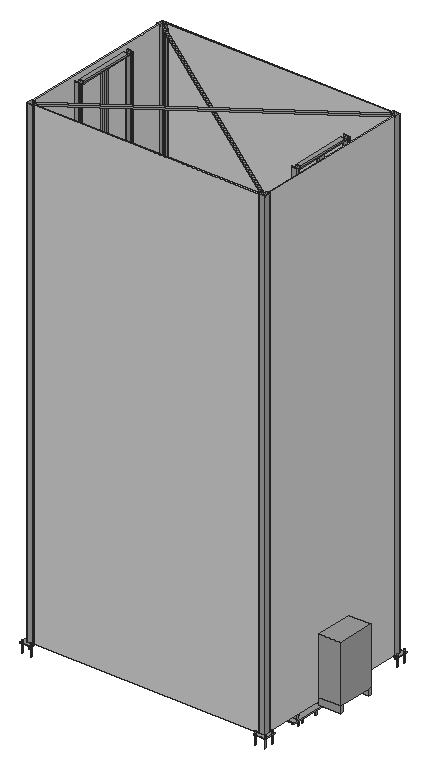
Revit family "1SE_Trez_TC_2C_T_1500_With_Pit", category Specialty Equipment, Revit 2019
Family settings
  Round Connector Dimension = Use Diameter
  Part Type = Normal
  Work Plane-Based = No
  Always vertical = Yes
  Cut with Voids When Loaded = Yes
  Shared = No
  Room Calculation Point = No
Parameters (values of type "Platform-2900x2480mm with Door Height 2500mm")
  Safe Working Load = 1500.00 kg  # constant formula
  Safe Space = if(Cabin or Platform = Cabin, 900.0 mm, if(and(Cabin or Platform = Platform, Door Clear Height > 1900.0 mm), 600.0 mm, 0.0 mm))  # 600.0 mm
  Platform = Speciality_Equipment_Trez_Platform : Platform
  Door Clear Width = Clear Width  # 2900.0 mm
  Door Clear Height = 2500.0 mm
  Clear Width = 2900.0 mm
  URL = "https://trez.bg/en/products/goods-only-lift-tc/tc-2ct-two-cylinders-and-tower/"
  Tower Width = Real Width + 2 * Clearance  # 3750.0 mm
  Tower Depth = Real Depth + 180.0 mm  # 2660.0 mm
  Tower Cladding Material = TREZ_Steel_Cladding
  Real Width = if(Clear Width < 1300.0 mm, 1300.0 mm, if(Clear Width > 2900.0 mm, 2900.0 mm, Clear Width))  # 2900.0 mm
  Real Depth = if(Clear Depth < 1300.0 mm, 1300.0 mm, if(Clear Depth > 2480.0 mm, 2480.0 mm, Clear Depth))  # 2480.0 mm
  Profiles Material = TREZ_Steel_Profiles
  Platform Material = TREZ_Steel_Platform
  Pit Height = 180.0 mm  # constant formula
  Travel = 4500.0 mm
  Rail Height = Travel + Pit Height + Headroom  # 7780.0 mm
  Model = "TC 2C T 1500"
  Manufacturer = "TREZ Ltd."
  Headroom = Door Clear Height + Safe Space  # 3100.0 mm
  Description = "Trez Compact 2 Cylinders Tower. Goods only lift."  # constant formula
  Clear Depth = 2480.0 mm
  Created By URL = "https://all1studio.com/"
  Created By = "All 1 Studio Ltd."
  Clearance = 425.0 mm  # constant formula
  Cabin or Platform Back = yes
  Cabin or Platform = Speciality_Equipment_Trez_Platform : Platform
  Cabin = Speciality_Equipment_Trez_Cabin : Cabin
Reference planes
  plane 1 "Center (Front/Back)": y = 0
  plane 2: z = 0
  plane 3 "Center (Left/Right)": x = 0
  plane 4: x = -1450
  plane 5: x = 1450
  plane 6: y = 1240
  plane 7: y = -1240
  plane 8: x = 1875
  plane 9: y = 1350
  plane 10: x = -1875
  plane 11: y = -1310
  plane 12: x = 1820
  plane 13: x = -1820
  plane 14: y = 1295
  plane 15: y = -1255
  plane 16: z = 4500
  plane 17 "Top of Lift": z = 7600
  plane 18 "Pit": z = -180
  plane 19: x = -1828.5
  plane 20: x = 1828.5
  plane 21: x = 2085
  plane 22: x = -1859.032
  plane 23: x = -1841.032
  plane 24: y = 1334
  plane 25: y = 1316
  plane 26: x = 1859
  plane 27: x = 1841
  plane 28: y = -1294
  plane 29: y = -1276
  plane 30: x = -1935
  plane 31: y = 1410
  plane 32: x = 1935
  plane 33: y = -1370
  plane 34: x = -1688.5
  plane 35: x = 1688.5
  plane 36: z = 7540
  plane 37: z = 40
  plane 38: z = -145
Forms (mm)
  Extrusion 1, solid, material "TREZ_Steel_Cladding" <- "Tower Cladding Material", detail levels coarse+medium
    sketch origin (0, 0, 0) x (1, 0, 0) y (0, 1, 0)
      loop
        line (-1875, 1350) -> (-1875, 1245) -> (-1859.032, 1245) -> (-1859.032, -1205) -> (-1875, -1205) -> (-1875, -1310) -> (-1770, -1310) -> (-1770, -1294) -> (1770, -1294) -> (1770, -1310) -> (1875, -1310) -> (1875, -1205) -> (1859, -1205) -> (1859, 1245) -> (1875, 1245) -> (1875, 1350) -> (1770, 1350) -> (1770, 1334) -> (-1770, 1334) -> (-1770, 1350) -> (-1875, 1350)
      loop
        line (-1820, 1295) -> (-1820, 1245) -> (-1841.032, 1245) -> (-1841.032, -1205) -> (-1820, -1205) -> (-1820, -1255) -> (-1770, -1255) -> (-1770, -1276) -> (1770, -1276) -> (1770, -1255) -> (1820, -1255) -> (1820, -1205) -> (1841, -1205) -> (1841, 1245) -> (1820, 1245) -> (1820, 1295) -> (1770, 1295) -> (1770, 1316) -> (-1770, 1316) -> (-1770, 1295) -> (-1820, 1295)
    from 0 to 7600
  Extrusion 2, void
    sketch origin (0, 0, 0) x (1, 0, 0) y (0, 1, 0)
      loop
        line (-1828.5, 1295) -> (-1828.5, -1255) -> (1828.5, -1255) -> (1828.5, 1295) -> (-1828.5, 1295)
    from 0 to -180
  Extrusion 3, solid, material "TREZ_Steel_Profiles" <- "Profiles Material", detail levels fine
    sketch origin (0, 0, 0) x (1, 0, 0) y (0, 1, 0)
      loop
        line (-1875, 1343) -> (-1875, 1252)
        arc (-1875, 1252) -> (-1872.95, 1247.05) -> (-1868, 1245) r 7
        line (-1868, 1245) -> (-1827, 1245)
        arc (-1827, 1245) -> (-1822.05, 1247.05) -> (-1820, 1252) r 7
        line (-1820, 1252) -> (-1820, 1288)
        arc (-1820, 1288) -> (-1817.95, 1292.95) -> (-1813, 1295) r 7
        line (-1813, 1295) -> (-1777, 1295)
        arc (-1777, 1295) -> (-1772.05, 1297.05) -> (-1770, 1302) r 7
        line (-1770, 1302) -> (-1770, 1343)
        arc (-1770, 1343) -> (-1772.05, 1347.95) -> (-1777, 1350) r 7
        line (-1777, 1350) -> (-1868, 1350)
        arc (-1868, 1350) -> (-1872.95, 1347.95) -> (-1875, 1343) r 7
      loop
        line (1868, 1350) -> (1777, 1350)
        arc (1777, 1350) -> (1772.05, 1347.95) -> (1770, 1343) r 7
        line (1770, 1343) -> (1770, 1302)
        arc (1770, 1302) -> (1772.05, 1297.05) -> (1777, 1295) r 7
        line (1777, 1295) -> (1813, 1295)
        arc (1813, 1295) -> (1817.95, 1292.95) -> (1820, 1288) r 7
        line (1820, 1288) -> (1820, 1252)
        arc (1820, 1252) -> (1822.05, 1247.05) -> (1827, 1245) r 7
        line (1827, 1245) -> (1868, 1245)
        arc (1868, 1245) -> (1872.95, 1247.05) -> (1875, 1252) r 7
        line (1875, 1252) -> (1875, 1343)
        arc (1875, 1343) -> (1872.95, 1347.95) -> (1868, 1350) r 7
      loop
        arc (-1875, -1303) -> (-1872.95, -1307.95) -> (-1868, -1310) r 7
        line (-1868, -1310) -> (-1777, -1310)
        arc (-1777, -1310) -> (-1772.05, -1307.95) -> (-1770, -1303) r 7
        line (-1770, -1303) -> (-1770, -1262)
        arc (-1770, -1262) -> (-1772.05, -1257.05) -> (-1777, -1255) r 7
        line (-1777, -1255) -> (-1813, -1255)
        arc (-1813, -1255) -> (-1817.95, -1252.95) -> (-1820, -1248) r 7
        line (-1820, -1248) -> (-1820, -1212)
        arc (-1820, -1212) -> (-1822.05, -1207.05) -> (-1827, -1205) r 7
        line (-1827, -1205) -> (-1868, -1205)
        arc (-1868, -1205) -> (-1872.95, -1207.05) -> (-1875, -1212) r 7
        line (-1875, -1212) -> (-1875, -1303)
      loop
        arc (1868, -1310) -> (1872.95, -1307.95) -> (1875, -1303) r 7
        line (1875, -1303) -> (1875, -1212)
        arc (1875, -1212) -> (1872.95, -1207.05) -> (1868, -1205) r 7
        line (1868, -1205) -> (1827, -1205)
        arc (1827, -1205) -> (1822.05, -1207.05) -> (1820, -1212) r 7
        line (1820, -1212) -> (1820, -1248)
        arc (1820, -1248) -> (1817.95, -1252.95) -> (1813, -1255) r 7
        line (1813, -1255) -> (1777, -1255)
        arc (1777, -1255) -> (1772.05, -1257.05) -> (1770, -1262) r 7
        line (1770, -1262) -> (1770, -1303)
        arc (1770, -1303) -> (1772.05, -1307.95) -> (1777, -1310) r 7
        line (1777, -1310) -> (1868, -1310)
      loop
        arc (-1773, 1343) -> (-1774.172, 1345.828) -> (-1777, 1347) r 4
        line (-1777, 1347) -> (-1868, 1347)
        arc (-1868, 1347) -> (-1870.828, 1345.828) -> (-1872, 1343) r 4
        line (-1872, 1343) -> (-1872, 1252)
        arc (-1872, 1252) -> (-1870.828, 1249.172) -> (-1868, 1248) r 4
        line (-1868, 1248) -> (-1827, 1248)
        arc (-1827, 1248) -> (-1824.172, 1249.172) -> (-1823, 1252) r 4
        line (-1823, 1252) -> (-1823, 1288)
        arc (-1823, 1288) -> (-1820.071, 1295.071) -> (-1813, 1298) r 10
        line (-1813, 1298) -> (-1777, 1298)
        arc (-1777, 1298) -> (-1774.172, 1299.172) -> (-1773, 1302) r 4
        line (-1773, 1302) -> (-1773, 1343)
      loop
        line (-1773, -1303) -> (-1773, -1262)
        arc (-1773, -1262) -> (-1774.172, -1259.172) -> (-1777, -1258) r 4
        line (-1777, -1258) -> (-1813, -1258)
        arc (-1813, -1258) -> (-1820.071, -1255.071) -> (-1823, -1248) r 10
        line (-1823, -1248) -> (-1823, -1212)
        arc (-1823, -1212) -> (-1824.172, -1209.172) -> (-1827, -1208) r 4
        line (-1827, -1208) -> (-1868, -1208)
        arc (-1868, -1208) -> (-1870.828, -1209.172) -> (-1872, -1212) r 4
        line (-1872, -1212) -> (-1872, -1303)
        arc (-1872, -1303) -> (-1870.828, -1305.828) -> (-1868, -1307) r 4
        line (-1868, -1307) -> (-1777, -1307)
        arc (-1777, -1307) -> (-1774.172, -1305.828) -> (-1773, -1303) r 4
      loop
        line (1872, -1303) -> (1872, -1212)
        arc (1872, -1212) -> (1870.828, -1209.172) -> (1868, -1208) r 4
        line (1868, -1208) -> (1827, -1208)
        arc (1827, -1208) -> (1824.172, -1209.172) -> (1823, -1212) r 4
        line (1823, -1212) -> (1823, -1248)
        arc (1823, -1248) -> (1820.071, -1255.071) -> (1813, -1258) r 10
        line (1813, -1258) -> (1777, -1258)
        arc (1777, -1258) -> (1774.172, -1259.172) -> (1773, -1262) r 4
        line (1773, -1262) -> (1773, -1303)
        arc (1773, -1303) -> (1774.172, -1305.828) -> (1777, -1307) r 4
        line (1777, -1307) -> (1868, -1307)
        arc (1868, -1307) -> (1870.828, -1305.828) -> (1872, -1303) r 4
      loop
        arc (1872, 1343) -> (1870.828, 1345.828) -> (1868, 1347) r 4
        line (1868, 1347) -> (1777, 1347)
        arc (1777, 1347) -> (1774.172, 1345.828) -> (1773, 1343) r 4
        line (1773, 1343) -> (1773, 1302)
        arc (1773, 1302) -> (1774.172, 1299.172) -> (1777, 1298) r 4
        line (1777, 1298) -> (1813, 1298)
        arc (1813, 1298) -> (1820.071, 1295.071) -> (1823, 1288) r 10
        line (1823, 1288) -> (1823, 1252)
        arc (1823, 1252) -> (1824.172, 1249.172) -> (1827, 1248) r 4
        line (1827, 1248) -> (1868, 1248)
        arc (1868, 1248) -> (1870.828, 1249.172) -> (1872, 1252) r 4
        line (1872, 1252) -> (1872, 1343)
    from 5 to 7600
  Extrusion 4, solid, material "TREZ_Steel_Cladding" <- "Tower Cladding Material", detail levels fine
    sketch origin (0, 0, 0) x (1, 0, 0) y (0, 1, 0)
      loop
        line (1859, 1245) -> (1841, 1245) -> (1841, -1205) -> (1859, -1205) -> (1859, 1245)
      loop
        line (1770, 1334) -> (-1770, 1334) -> (-1770, 1316) -> (1770, 1316) -> (1770, 1334)
      loop
        line (1770, -1276) -> (-1770, -1276) -> (-1770, -1294) -> (1770, -1294) -> (1770, -1276)
      loop
        line (-1841.032, -1205) -> (-1841.032, 1245) -> (-1859.032, 1245) -> (-1859.032, -1205) -> (-1841.032, -1205)
    from 0 to 7600
  Extrusion 5, solid, material "TREZ_Steel_Profiles" <- "Profiles Material", detail levels fine
    sketch origin (0, 0, 0) x (1, 0, 0) y (0, 1, 0)
      loop
        arc (1757, 1410) -> (1752.05, 1407.95) -> (1750, 1403) r 7
        line (1750, 1403) -> (1750, 1350) -> (1770, 1350) -> (1770, 1295) -> (1820, 1295) -> (1820, 1245) -> (1875, 1245) -> (1875, 1225) -> (1928, 1225)
        arc (1928, 1225) -> (1932.95, 1227.05) -> (1935, 1232) r 7
        line (1935, 1232) -> (1935, 1403)
        arc (1935, 1403) -> (1932.95, 1407.95) -> (1928, 1410) r 7
        line (1928, 1410) -> (1757, 1410)
      loop
        line (-1757, 1410) -> (-1928, 1410)
        arc (-1928, 1410) -> (-1932.95, 1407.95) -> (-1935, 1403) r 7
        line (-1935, 1403) -> (-1935, 1232)
        arc (-1935, 1232) -> (-1932.95, 1227.05) -> (-1928, 1225) r 7
        line (-1928, 1225) -> (-1875, 1225) -> (-1875, 1245) -> (-1820, 1245) -> (-1820, 1295) -> (-1770, 1295) -> (-1770, 1350) -> (-1750, 1350) -> (-1750, 1403)
        arc (-1750, 1403) -> (-1752.05, 1407.95) -> (-1757, 1410) r 7
      loop
        line (1757, -1370) -> (1928, -1370)
        arc (1928, -1370) -> (1932.95, -1367.95) -> (1935, -1363) r 7
        line (1935, -1363) -> (1935, -1192)
        arc (1935, -1192) -> (1932.95, -1187.05) -> (1928, -1185) r 7
        line (1928, -1185) -> (1875, -1185) -> (1875, -1205) -> (1820, -1205) -> (1820, -1255) -> (1770, -1255) -> (1770, -1310) -> (1750, -1310) -> (1750, -1363)
        arc (1750, -1363) -> (1752.05, -1367.95) -> (1757, -1370) r 7
      loop
        arc (-1757, -1370) -> (-1752.05, -1367.95) -> (-1750, -1363) r 7
        line (-1750, -1363) -> (-1750, -1310) -> (-1770, -1310) -> (-1770, -1255) -> (-1820, -1255) -> (-1820, -1205) -> (-1875, -1205) -> (-1875, -1185) -> (-1928, -1185)
        arc (-1928, -1185) -> (-1932.95, -1187.05) -> (-1935, -1192) r 7
        line (-1935, -1192) -> (-1935, -1363)
        arc (-1935, -1363) -> (-1932.95, -1367.95) -> (-1928, -1370) r 7
        line (-1928, -1370) -> (-1757, -1370)
    from 5 to 0
  Sweep 6, solid, material "TREZ_Steel_Profiles" <- "Profiles Material", detail levels fine
    path origin (0, 0, 7600) x (-1, 0, 0) y (0, -1, 0)
      loop
        line (1820, 1255) -> (-1820, -1295)
    profile origin (0, 20, 7600) x (-0.573764, 0.81902, 0) y (0, 0, 1)
      loop
        line (15, 0) -> (-15, 0) -> (-15, -30) -> (15, -30) -> (15, 0)
  Sweep 7, solid, material "TREZ_Steel_Profiles" <- "Profiles Material", detail levels fine
    path origin (0, 0, 7600) x (-1, 0, 0) y (0, -1, 0)
      loop
        line (1820, -1295) -> (-1820, 1255)
    profile origin (0, 20, 7600) x (0.573764, 0.81902, 0) y (0, 0, 1)
      loop
        line (-15, -60) -> (15, -60) -> (15, -30) -> (-15, -30) -> (-15, -60)
  Extrusion 8, void
    sketch origin (0, 0, 7600) x (-1, 0, 0) y (0, -1, 0)
      loop
        arc (1827, -1245) -> (1822.05, -1247.05) -> (1820, -1252) r 7
        line (1820, -1252) -> (1820, -1288)
        arc (1820, -1288) -> (1817.95, -1292.95) -> (1813, -1295) r 7
        line (1813, -1295) -> (1777, -1295)
        arc (1777, -1295) -> (1772.05, -1297.05) -> (1770, -1302) r 7
        line (1770, -1302) -> (1770, -1343)
        arc (1770, -1343) -> (1772.05, -1347.95) -> (1777, -1350) r 7
        line (1777, -1350) -> (1868, -1350)
        arc (1868, -1350) -> (1872.95, -1347.95) -> (1875, -1343) r 7
        line (1875, -1343) -> (1875, -1252)
        arc (1875, -1252) -> (1872.95, -1247.05) -> (1868, -1245) r 7
        line (1868, -1245) -> (1827, -1245)
      loop
        arc (-1770, -1302) -> (-1772.05, -1297.05) -> (-1777, -1295) r 7
        line (-1777, -1295) -> (-1813, -1295)
        arc (-1813, -1295) -> (-1817.95, -1292.95) -> (-1820, -1288) r 7
        line (-1820, -1288) -> (-1820, -1252)
        arc (-1820, -1252) -> (-1822.05, -1247.05) -> (-1827, -1245) r 7
        line (-1827, -1245) -> (-1868, -1245)
        arc (-1868, -1245) -> (-1872.95, -1247.05) -> (-1875, -1252) r 7
        line (-1875, -1252) -> (-1875, -1343)
        arc (-1875, -1343) -> (-1872.95, -1347.95) -> (-1868, -1350) r 7
        line (-1868, -1350) -> (-1777, -1350)
        arc (-1777, -1350) -> (-1772.05, -1347.95) -> (-1770, -1343) r 7
        line (-1770, -1343) -> (-1770, -1302)
      loop
        arc (-1827, 1205) -> (-1822.05, 1207.05) -> (-1820, 1212) r 7
        line (-1820, 1212) -> (-1820, 1248)
        arc (-1820, 1248) -> (-1817.95, 1252.95) -> (-1813, 1255) r 7
        line (-1813, 1255) -> (-1777, 1255)
        arc (-1777, 1255) -> (-1772.05, 1257.05) -> (-1770, 1262) r 7
        line (-1770, 1262) -> (-1770, 1303)
        arc (-1770, 1303) -> (-1772.05, 1307.95) -> (-1777, 1310) r 7
        line (-1777, 1310) -> (-1868, 1310)
        arc (-1868, 1310) -> (-1872.95, 1307.95) -> (-1875, 1303) r 7
        line (-1875, 1303) -> (-1875, 1212)
        arc (-1875, 1212) -> (-1872.95, 1207.05) -> (-1868, 1205) r 7
        line (-1868, 1205) -> (-1827, 1205)
      loop
        arc (1820, 1212) -> (1822.05, 1207.05) -> (1827, 1205) r 7
        line (1827, 1205) -> (1868, 1205)
        arc (1868, 1205) -> (1872.95, 1207.05) -> (1875, 1212) r 7
        line (1875, 1212) -> (1875, 1303)
        arc (1875, 1303) -> (1872.95, 1307.95) -> (1868, 1310) r 7
        line (1868, 1310) -> (1777, 1310)
        arc (1777, 1310) -> (1772.05, 1307.95) -> (1770, 1303) r 7
        line (1770, 1303) -> (1770, 1262)
        arc (1770, 1262) -> (1772.05, 1257.05) -> (1777, 1255) r 7
        line (1777, 1255) -> (1813, 1255)
        arc (1813, 1255) -> (1817.95, 1252.95) -> (1820, 1248) r 7
        line (1820, 1248) -> (1820, 1212)
    from -60 to 0
  Extrusion 9, solid, material "TREZ_Steel_Profiles" <- "Profiles Material", detail levels fine
    sketch origin (0, 0, 0) x (1, 0, 0) y (0, 1, 0)
      loop
        circle (-1910.697, 1394.303) r 6
      loop
        circle (-1765.697, 1394.303) r 6
      loop
        circle (-1910.697, 1249.303) r 6
      loop
        circle (1910.697, 1394.303) r 6
      loop
        circle (1765.697, 1394.303) r 6
      loop
        circle (1910.697, 1249.303) r 6
      loop
        circle (-1910.697, -1354.303) r 6
      loop
        circle (-1765.697, -1354.303) r 6
      loop
        circle (-1910.697, -1209.303) r 6
      loop
        circle (1910.697, -1354.303) r 6
      loop
        circle (1765.697, -1354.303) r 6
      loop
        circle (1910.697, -1209.303) r 6
    from -145 to 40
Cuts and joins
  Extrusion 2 cuts Extrusion 1
  Extrusion 8 cuts Sweep 6
  Extrusion 8 cuts Sweep 7
  joined: Extrusion 5, Extrusion 9
Lines and regions (mm)
  symbolic lines, style "Profiles"
    curve 1: line (-1875, 1350, 0) -> (-1770, 1350, 0)
    curve 2: line (-1770, 1350, 0) -> (-1770, 1295, 0)
    curve 3: line (-1770, 1295, 0) -> (-1820, 1295, 0)
    curve 4: line (-1820, 1295, 0) -> (-1820, 1245, 0)
    curve 5: line (-1820, 1245, 0) -> (-1875, 1245, 0)
    curve 6: line (-1875, 1245, 0) -> (-1875, 1350, 0)
    curve 7: line (1770, 1350, 0) -> (1875, 1350, 0)
    curve 8: line (1875, 1350, 0) -> (1875, 1245, 0)
    curve 9: line (1875, 1245, 0) -> (1820, 1245, 0)
    curve 10: line (1820, 1245, 0) -> (1820, 1295, 0)
    curve 11: line (1820, 1295, 0) -> (1770, 1295, 0)
    curve 12: line (1770, 1295, 0) -> (1770, 1350, 0)
    curve 13: line (-1875, -1205, 0) -> (-1820, -1205, 0)
    curve 14: line (-1820, -1205, 0) -> (-1820, -1255, 0)
    curve 15: line (-1820, -1255, 0) -> (-1770, -1255, 0)
    curve 16: line (-1770, -1255, 0) -> (-1770, -1310, 0)
    curve 17: line (-1770, -1310, 0) -> (-1875, -1310, 0)
    curve 18: line (-1875, -1310, 0) -> (-1875, -1205, 0)
    curve 19: line (1770, -1255, 0) -> (1820, -1255, 0)
    curve 20: line (1820, -1255, 0) -> (1820, -1205, 0)
    curve 21: line (1820, -1205, 0) -> (1875, -1205, 0)
    curve 22: line (1875, -1205, 0) -> (1875, -1310, 0)
    curve 23: line (1875, -1310, 0) -> (1770, -1310, 0)
    curve 24: line (1770, -1255, 0) -> (1770, -1310, 0)
    curve 25: line (1859, 1245, 0) -> (1841, 1245, 0)
    curve 26: line (1859, -1205, 0) -> (1859, 1245, 0)
    curve 27: line (1841, -1205, 0) -> (1859, -1205, 0)
    curve 28: line (1841, 1245, 0) -> (1841, -1205, 0)
    curve 29: line (1770, -1276, 0) -> (-1770, -1276, 0)
    curve 30: line (1770, -1294, 0) -> (1770, -1276, 0)
    curve 31: line (-1770, -1294, 0) -> (1770, -1294, 0)
    curve 32: line (-1770, -1276, 0) -> (-1770, -1294, 0)
    curve 33: line (-1841.032, -1205, 0) -> (-1859.032, -1205, 0)
    curve 34: line (-1841.032, 1245, 0) -> (-1841.032, -1205, 0)
    curve 35: line (-1859.032, 1245, 0) -> (-1841.032, 1245, 0)
    curve 36: line (-1859.032, -1205, 0) -> (-1859.032, 1245, 0)
    curve 37: line (-1770, 1316, 0) -> (1770, 1316, 0)
    curve 38: line (-1770, 1334, 0) -> (-1770, 1316, 0)
    curve 39: line (1770, 1334, 0) -> (-1770, 1334, 0)
    curve 40: line (1770, 1316, 0) -> (1770, 1334, 0)
  symbolic lines, style "Platform"
    curve 41: line (-1450, 1240, 0) -> (1450, 1240, 0)
    curve 42: line (-1450, -1240, 0) -> (-1450, 1240, 0)
    curve 43: line (1450, -1240, 0) -> (-1450, -1240, 0)
    curve 44: line (1450, 1240, 0) -> (1450, -1240, 0)
    curve 45: line (-1450, 1240, 0) -> (1450, -1240, 0)
    curve 46: line (1450, 1240, 0) -> (-1450, -1240, 0)
  model lines, style "Profiles", detail levels coarse+medium
    curve 47: line (-1820, 1295, 7600) -> (1820, -1255, 7600)
    curve 48: line (1820, 1295, 7600) -> (-1820, -1255, 7600)
Dimensions and locks
  equal spacing: plane 4, plane 3 "Center (Left/Right)", plane 5
  "Real Width": plane 4 to plane 5
  equal spacing: plane 7, plane 1 "Center (Front/Back)", plane 6
  "Real Depth": plane 7 to plane 6
  locked: plane 6 to plane 9 at 110
  locked: plane 7 to plane 11 at 70
  locked: plane 12 to plane 8 at 55
  locked: plane 10 to plane 13 at 55
  locked: plane 14 to plane 9 at 55
  locked: plane 15 to plane 11 at 55
  "Travel": plane 16 to level
  "Pit Height": level to plane 18 "Pit"
  "Clearance": plane 5 to plane 8
  "Clearance": plane 10 to plane 4
  locked: plane 8 to plane 21 at 210
  locked: plane 10 to plane 19 at 46.5
  locked: plane 20 to plane 8 at 46.5
  plane 10 to plane 22 to plane 23 = 15.968 mm locked, 18.0 mm locked
  plane 25 to plane 24 to plane 9 = 18.0 mm locked, 16.0 mm locked
  plane 27 to plane 26 to plane 8 = 18.0 mm locked, 16.0 mm locked
  plane 29 to plane 28 to plane 11 = 18.0 mm locked, 16.0 mm locked
  locked: plane 30 to plane 10 at 60
  locked: plane 9 to plane 31 at 60
  locked: plane 8 to plane 32 at 60
  locked: plane 11 to plane 33 at 60
  locked: plane 10 to plane 34 at 186.5
  locked: plane 35 to plane 8 at 186.5
  "Headroom": plane 17 "Top of Lift" to plane 16
  locked: plane 17 "Top of Lift" to plane 36 at 60
  locked: plane 37 to level at 40
  locked: level to plane 38 at 145
  aligned and locked: level to plane 2
  aligned and locked: plane 9 to Extrusion 1 sketch curve
  aligned and locked: plane 10 to Extrusion 1 sketch curve
  aligned and locked: plane 11 to Extrusion 1 sketch curve
  aligned and locked: plane 8 to Extrusion 1 sketch curve
  aligned and locked: plane 14 to Extrusion 1 sketch curve
  aligned and locked: plane 13 to Extrusion 1 sketch curve
  aligned and locked: plane 15 to Extrusion 1 sketch curve
  aligned and locked: plane 12 to Extrusion 1 sketch curve
  aligned and locked: plane 17 "Top of Lift" to Extrusion 1
  aligned and locked: plane 20 to Extrusion 2 sketch curve
  aligned and locked: plane 15 to Extrusion 2 sketch curve
  aligned and locked: plane 14 to Extrusion 2 sketch curve
  aligned and locked: plane 19 to Extrusion 2 sketch curve
  aligned and locked: Extrusion 2 to plane 18 "Pit"
  aligned and locked: plane 1 "Center (Front/Back)" to nested 1
  aligned and locked: plane 3 "Center (Left/Right)" to nested 1
  aligned and locked: nested 2 to plane 21
  aligned and locked: Extrusion 3 sketch curve to plane 10
  aligned and locked: Extrusion 3 sketch curve to plane 9  (x2)
  aligned and locked: Extrusion 3 sketch curve to plane 13
  aligned and locked: Extrusion 3 sketch curve to plane 14  (x2)
  aligned and locked: plane 8 to Extrusion 3 sketch curve
  aligned and locked: plane 17 "Top of Lift" to Extrusion 3
  aligned and locked: Extrusion 4 sketch curve to Extrusion 3  (x6)
  aligned and locked: Extrusion 4 sketch curve to plane 26
  aligned and locked: plane 27 to Extrusion 4 sketch curve
  aligned and locked: Extrusion 4 sketch curve to plane 24
  aligned and locked: plane 25 to Extrusion 4 sketch curve
  aligned and locked: plane 29 to Extrusion 4 sketch curve
  aligned and locked: Extrusion 4 sketch curve to plane 28
  aligned and locked: Extrusion 3 to Extrusion 4 sketch curve  (x2)
  aligned and locked: Extrusion 4 sketch curve to plane 23
  aligned and locked: plane 22 to Extrusion 4 sketch curve
  aligned and locked: plane 17 "Top of Lift" to Extrusion 4
  aligned and locked: plane 34 to nested 3
  aligned and locked: nested 4 to plane 35
  aligned and locked: nested 3 to plane 18 "Pit"
  aligned and locked: plane 18 "Pit" to nested 4
  aligned and locked: plane 1 "Center (Front/Back)" to nested 3
  aligned and locked: nested 4 to plane 1 "Center (Front/Back)"
  aligned and locked: plane 14 to Sweep 6 sketch curve
  aligned and locked: plane 12 to Sweep 6 sketch curve
  aligned and locked: plane 13 to Sweep 6 sketch curve
  aligned and locked: plane 15 to Sweep 6 sketch curve
  aligned and locked: plane 12 to Sweep 7 sketch curve
  aligned and locked: plane 15 to Sweep 7 sketch curve
  aligned and locked: plane 14 to Sweep 7 sketch curve
  aligned and locked: plane 13 to Sweep 7 sketch curve
  aligned and locked: plane 36 to Extrusion 8
  aligned and locked: plane 17 "Top of Lift" to Extrusion 8
  aligned and locked: Extrusion 9 to plane 38
  aligned and locked: plane 37 to Extrusion 9
  aligned and locked: plane 16 to nested 1
Automatic sketch dimensions
  Extrusion 1 sketch curve to plane 10 = 0.0 mm
  Extrusion 1 sketch curve to plane 22 = 0.0 mm
  Extrusion 1 sketch curve to plane 23 = 0.0 mm
  Extrusion 1 sketch curve to plane 13 = 0.0 mm
  Extrusion 1 sketch curve to plane 29 = 0.0 mm
  Extrusion 1 sketch curve to plane 15 = 0.0 mm
  Extrusion 1 sketch curve to plane 28 = 0.0 mm
  Extrusion 1 sketch curve to plane 11 = 0.0 mm
  plane 25 to Extrusion 1 sketch curve = 0.0 mm
  plane 24 to Extrusion 1 sketch curve = 0.0 mm
  plane 9 to Extrusion 1 sketch curve = 0.0 mm
  plane 14 to Extrusion 1 sketch curve = 0.0 mm
  Extrusion 1 sketch curve to plane 12 = 0.0 mm
  Extrusion 1 sketch curve to plane 27 = 0.0 mm
  Extrusion 1 sketch curve to plane 26 = 0.0 mm
  Extrusion 1 sketch curve to plane 8 = 0.0 mm
  plane 13 to Extrusion 1 sketch curve = 50.0 mm  (x2)
  Extrusion 1 sketch curve to Extrusion 1 sketch curve = 0.0 mm  (x5)
  plane 12 to Extrusion 1 sketch curve = 50.0 mm  (x2)
  plane 7 to Extrusion 1 sketch curve = 35.0 mm  (x3)
  Extrusion 1 sketch curve to plane 6 = 5.0 mm  (x4)
  Extrusion 3 sketch curve to Extrusion 3 sketch curve = 0.0 mm  (x48)
  Extrusion 3 sketch curve to plane 10 = 0.0 mm
  Extrusion 3 sketch curve to plane 11 = 0.0 mm  (x2)
  Extrusion 3 sketch curve to plane 13 = 0.0 mm
  Extrusion 3 sketch curve to plane 15 = 0.0 mm  (x2)
  Extrusion 3 sketch curve to plane 12 = 0.0 mm  (x2)
  Extrusion 3 sketch curve to plane 8 = 0.0 mm
  Extrusion 3 sketch curve to Extrusion 3 sketch curve = 3.0 mm  (x4)
  Extrusion 3 sketch curve to Extrusion 3 sketch curve = 4.0 mm  (x9)
  plane 10 to Extrusion 3 sketch curve = 7.0 mm
  plane 19 to Extrusion 3 sketch curve = 1.5 mm  (x2)
  plane 13 to Extrusion 3 sketch curve = 7.0 mm  (x2)
  Extrusion 3 sketch curve to plane 15 = 7.0 mm  (x2)
  Extrusion 3 sketch curve to Extrusion 3 sketch curve = 36.0 mm  (x2)
  Extrusion 3 sketch curve to plane 14 = 7.0 mm
  plane 9 to Extrusion 3 sketch curve = 7.0 mm
  plane 12 to Extrusion 3 sketch curve = 50.0 mm  (x2)
  Extrusion 3 sketch curve to Extrusion 3 sketch curve = 7.0 mm
  plane 12 to Extrusion 3 sketch curve = 7.0 mm
  plane 20 to Extrusion 3 sketch curve = 1.5 mm  (x2)
  plane 8 to Extrusion 3 sketch curve = 7.0 mm  (x2)
  Extrusion 3 sketch curve to plane 6 = 5.0 mm  (x2)
  plane 7 to Extrusion 3 sketch curve = 28.0 mm  (x2)
  Extrusion 5 sketch curve to plane 30 = 0.0 mm  (x2)
  plane 31 to Extrusion 5 sketch curve = 0.0 mm  (x2)
  Extrusion 5 sketch curve to plane 33 = 0.0 mm  (x2)
  Extrusion 5 sketch curve to plane 10 = 0.0 mm  (x2)
  Extrusion 5 sketch curve to plane 13 = 0.0 mm  (x2)
  plane 9 to Extrusion 5 sketch curve = 0.0 mm  (x2)
  Extrusion 5 sketch curve to plane 11 = 0.0 mm  (x2)
  Extrusion 5 sketch curve to plane 15 = 0.0 mm  (x2)
  plane 14 to Extrusion 5 sketch curve = 0.0 mm  (x2)
  Extrusion 5 sketch curve to plane 12 = 0.0 mm  (x2)
  Extrusion 5 sketch curve to plane 8 = 0.0 mm  (x2)
  Extrusion 5 sketch curve to plane 32 = 0.0 mm  (x2)
  plane 30 to Extrusion 5 sketch curve = 7.0 mm  (x4)
  plane 13 to Extrusion 5 sketch curve = 50.0 mm  (x2)
  Extrusion 5 sketch curve to Extrusion 5 sketch curve = 13.0 mm  (x2)
  plane 31 to Extrusion 5 sketch curve = 7.0 mm
  Extrusion 5 sketch curve to Extrusion 5 sketch curve = 20.0 mm  (x2)
  Extrusion 5 sketch curve to plane 35 = 61.5 mm  (x2)
  Extrusion 5 sketch curve to Extrusion 5 sketch curve = 7.0 mm  (x3)
  Extrusion 5 sketch curve to Extrusion 5 sketch curve = 50.0 mm
  plane 32 to Extrusion 5 sketch curve = 7.0 mm  (x3)
  plane 7 to Extrusion 5 sketch curve = 35.0 mm  (x2)
  plane 7 to Extrusion 5 sketch curve = 48.0 mm  (x2)
  plane 6 to Extrusion 5 sketch curve = 15.0 mm  (x2)
  Extrusion 5 sketch curve to plane 6 = 5.0 mm  (x2)
  profile plane to Sweep 6 sketch curve = 15.0 mm
  Sweep 6 sketch curve to Sweep 6 sketch curve = 30.0 mm
  Sweep 6 sketch curve to profile plane = 15.0 mm
  plane 17 "Top of Lift" to Sweep 6 sketch curve = 0.0 mm
  profile plane to Sweep 7 sketch curve = 15.0 mm
  Sweep 7 sketch curve to profile plane = 15.0 mm
  Sweep 7 sketch curve to plane 17 "Top of Lift" = 60.0 mm
  Sweep 7 sketch curve to Sweep 7 sketch curve = 30.0 mm
  plane 9 to Extrusion 8 sketch curve = 0.0 mm  (x2)
  plane 14 to Extrusion 8 sketch curve = 0.0 mm  (x2)
  Extrusion 8 sketch curve to plane 13 = 0.0 mm  (x2)
  Extrusion 8 sketch curve to plane 10 = 0.0 mm  (x2)
  Extrusion 8 sketch curve to Extrusion 8 sketch curve = 7.0 mm  (x9)
  plane 13 to Extrusion 8 sketch curve = 43.0 mm
  Extrusion 8 sketch curve to Extrusion 8 sketch curve = 36.0 mm  (x2)
  plane 19 to Extrusion 8 sketch curve = 1.5 mm  (x2)
  plane 10 to Extrusion 8 sketch curve = 7.0 mm
  Extrusion 8 sketch curve to plane 6 = 12.0 mm
  Extrusion 8 sketch curve to plane 8 = 0.0 mm  (x2)
  Extrusion 8 sketch curve to plane 12 = 0.0 mm  (x2)
  Extrusion 8 sketch curve to plane 6 = 5.0 mm
  plane 8 to Extrusion 8 sketch curve = 7.0 mm  (x3)
  plane 20 to Extrusion 8 sketch curve = 1.5 mm  (x2)
  Extrusion 8 sketch curve to plane 14 = 7.0 mm
  Extrusion 8 sketch curve to plane 11 = 0.0 mm  (x2)
  Extrusion 8 sketch curve to plane 15 = 0.0 mm  (x2)
  plane 12 to Extrusion 8 sketch curve = 7.0 mm
  plane 11 to Extrusion 8 sketch curve = 7.0 mm  (x2)
  plane 12 to Extrusion 8 sketch curve = 43.0 mm
  Extrusion 8 sketch curve to plane 15 = 7.0 mm
  plane 7 to Extrusion 8 sketch curve = 35.0 mm  (x2)
  plane 13 to Extrusion 8 sketch curve = 50.0 mm
  plane 13 to Extrusion 8 sketch curve = 7.0 mm
  curve 47 to plane 12 = 0.0 mm
  curve 48 to plane 12 = 0.0 mm
  curve 48 to plane 13 = 0.0 mm
  curve 47 to plane 13 = 0.0 mm
  plane 14 to curve 48 = 0.0 mm
  plane 14 to curve 47 = 0.0 mm
  curve 48 to plane 15 = 0.0 mm
  curve 47 to plane 15 = 0.0 mm
  plane 9 to curve 1 = 0.0 mm
  curve 1 to plane 10 = 0.0 mm
  curve 18 to plane 10 = 0.0 mm
  curve 36 to plane 22 = 0.0 mm
  curve 35 to plane 23 = 0.0 mm
  curve 4 to plane 13 = 0.0 mm
  curve 15 to plane 13 = 0.0 mm
  plane 25 to curve 37 = 0.0 mm
  curve 15 to plane 15 = 0.0 mm
  curve 16 to plane 11 = 0.0 mm
  plane 24 to curve 38 = 0.0 mm
  curve 32 to plane 28 = 0.0 mm
  curve 32 to plane 29 = 0.0 mm
  plane 14 to curve 2 = 0.0 mm
  curve 42 to plane 4 = 0.0 mm
  curve 44 to plane 5 = 0.0 mm
  curve 24 to plane 11 = 0.0 mm
  curve 24 to plane 15 = 0.0 mm
  plane 14 to curve 11 = 0.0 mm
  plane 9 to curve 7 = 0.0 mm
  curve 19 to plane 12 = 0.0 mm
  curve 11 to plane 12 = 0.0 mm
  curve 25 to plane 27 = 0.0 mm
  curve 27 to plane 26 = 0.0 mm
  curve 22 to plane 8 = 0.0 mm
  curve 9 to plane 8 = 0.0 mm
  curve 43 to plane 7 = 0.0 mm
  plane 6 to curve 44 = 0.0 mm
  plane 13 to curve 37 = 50.0 mm
  plane 13 to curve 15 = 50.0 mm
  curve 32 to curve 16 = 0.0 mm
  curve 2 to curve 37 = 0.0 mm
  plane 12 to curve 29 = 50.0 mm
  curve 24 to curve 30 = 0.0 mm
  plane 12 to curve 39 = 50.0 mm
  curve 11 to curve 37 = 0.0 mm
  plane 7 to curve 14 = 35.0 mm
  curve 33 to curve 13 = 0.0 mm
  plane 7 to curve 28 = 35.0 mm
  curve 20 to curve 27 = 0.0 mm
  curve 10 to plane 6 = 5.0 mm
  curve 28 to plane 6 = 5.0 mm
  curve 35 to plane 6 = 5.0 mm
  curve 6 to plane 6 = 5.0 mm
  plane 30 to Extrusion 9 sketch curve = 24.303 mm  (x4)
  Extrusion 9 sketch curve to plane 6 = 9.303 mm  (x2)
  plane 31 to Extrusion 9 sketch curve = 15.697 mm  (x4)
  plane 13 to Extrusion 9 sketch curve = 54.303 mm  (x2)
  plane 33 to Extrusion 9 sketch curve = 15.697 mm  (x4)
  plane 12 to Extrusion 9 sketch curve = 54.303 mm  (x2)
  plane 32 to Extrusion 9 sketch curve = 24.303 mm  (x4)
  plane 7 to Extrusion 9 sketch curve = 30.697 mm  (x2)
  radius of Extrusion 9 sketch curve = 6.0 mm  (x12)
Nested families
  nested 1: "Speciality_Equipment_Trez_Platform" at (0, 0, 4500), type <- "Cabin or Platform", type "Platform"
    with Width 2900.0 mm, Depth 2480.0 mm
  nested 2: "Electrical_Equpment_Trez_Cabinet" at (2085, 0, 0) x (0, 1, 0) z (0, 0, 1), type "Cabinet"
  nested 3: "Generic_Model_Trez_Rails" at (-1688.5, 0, -180), type "Rails"
    with Height 7780.0 mm
  nested 4: "Generic_Model_Trez_Rails" at (1688.5, 0, -180) x (-1, 0, 0) z (0, 0, 1), type "Rails"
    with Height 7780.0 mm
Definition of nested family "Speciality_Equipment_Trez_Platform"
  Parameters (values of type "Speciality_Equipment_Trez_Platform")
    Width = 3600.0 mm
    Platform Material = none
    Depth = 2900.0 mm
    Back Board = yes
  Reference planes
    plane 1 "Center (Front/Back)": y = 0
    plane 2 "Bottom": z = 0
    plane 3 "Center (Left/Right)": x = 0
    plane 4: x = 1800
    plane 5: x = -1800
    plane 6: y = 1450
    plane 7: y = -1450
    plane 8: x = -1889
    plane 9: x = 1889
    plane 10: y = 1485
    plane 11: z = -89
    plane 12: z = 709
  Forms (mm)
    Extrusion 1, solid, material <- "Platform Material", visible <- "Back Board"
      sketch origin (0, 0, 0) x (1, 0, 0) y (0, 1, 0)
        loop
          line (-1889, 1485) -> (-1889, 1450) -> (1889, 1450) -> (1889, 1485) -> (-1889, 1485)
      from 0 to 709
    Extrusion 2, solid, material <- "Platform Material", detail levels coarse+medium
      sketch origin (0, 0, 0) x (1, 0, 0) y (0, 0, 1)
        loop
          line (-1800, 709) -> (-1889, 709) -> (-1889, -89) -> (1889, -89) -> (1889, 709) -> (1800, 709) -> (1800, 0) -> (-1800, 0) -> (-1800, 709)
      from -1450 to 1450
    Extrusion 3, solid, material <- "Platform Material", detail levels fine
      sketch origin (0, 0, 0) x (1, 0, 0) y (0, 0, 1)
        loop
          arc (-1874, 709) -> (-1884.607, 704.607) -> (-1889, 694) r 15
          line (-1889, 694) -> (-1889, -74)
          arc (-1889, -74) -> (-1884.607, -84.607) -> (-1874, -89) r 15
          line (-1874, -89) -> (1874, -89)
          arc (1874, -89) -> (1884.607, -84.607) -> (1889, -74) r 15
          line (1889, -74) -> (1889, 694)
          arc (1889, 694) -> (1884.607, 704.607) -> (1874, 709) r 15
          line (1874, 709) -> (1815, 709)
          arc (1815, 709) -> (1804.393, 704.607) -> (1800, 694) r 15
          line (1800, 694) -> (1800, 15)
          arc (1800, 15) -> (1795.607, 4.393) -> (1785, 0) r 15
          line (1785, 0) -> (-1785, 0)
          arc (-1785, 0) -> (-1795.607, 4.393) -> (-1800, 15) r 15
          line (-1800, 15) -> (-1800, 694)
          arc (-1800, 694) -> (-1804.393, 704.607) -> (-1815, 709) r 15
          line (-1815, 709) -> (-1874, 709)
      from -1450 to 1450
  Dimensions and locks
    equal spacing: plane 5, plane 3 "Center (Left/Right)", plane 4
    "Width": plane 5 to plane 4
    equal spacing: plane 7, plane 1 "Center (Front/Back)", plane 6
    "Depth": plane 6 to plane 7
    locked: plane 8 to plane 5 at 89
    locked: plane 4 to plane 9 at 89
    locked: plane 10 to plane 6 at 35
    locked: plane 2 "Bottom" to plane 11 at 89
    locked: plane 12 to plane 2 "Bottom" at 709
    aligned and locked: level to plane 2 "Bottom"
    aligned and locked: Extrusion 1 sketch curve to plane 10
    aligned and locked: plane 8 to Extrusion 1 sketch curve
    aligned and locked: plane 5 to Extrusion 2 sketch curve
    aligned and locked: plane 8 to Extrusion 2 sketch curve
    aligned and locked: Extrusion 2 sketch curve to plane 9
    aligned and locked: Extrusion 2 sketch curve to plane 4
    aligned and locked: Extrusion 2 sketch curve to plane 2 "Bottom"
    aligned and locked: Extrusion 2 sketch curve to plane 11
    aligned and locked: Extrusion 2 sketch curve to plane 12
    aligned and locked: Extrusion 2 to plane 6
    aligned and locked: Extrusion 2 to plane 7
    aligned and locked: Extrusion 3 sketch curve to plane 12
    aligned and locked: plane 8 to Extrusion 3 sketch curve
    aligned and locked: plane 5 to Extrusion 3 sketch curve
    aligned and locked: Extrusion 3 sketch curve to plane 4
    aligned and locked: Extrusion 3 sketch curve to plane 9
    aligned and locked: Extrusion 3 sketch curve to plane 2 "Bottom"
    aligned and locked: Extrusion 3 sketch curve to plane 11
    aligned and locked: Extrusion 3 to plane 7
    aligned and locked: Extrusion 3 to plane 6
  Automatic sketch dimensions
    plane 12 to Extrusion 2 sketch curve = 0.0 mm
    Extrusion 1 sketch curve to plane 6 = 0.0 mm
    Extrusion 1 sketch curve to plane 9 = 0.0 mm
    Extrusion 3 sketch curve to plane 12 = 0.0 mm
    Extrusion 3 sketch curve to Extrusion 3 sketch curve = 15.0 mm  (x4)
    plane 5 to Extrusion 3 sketch curve = 15.0 mm
    Extrusion 3 sketch curve to plane 4 = 15.0 mm
    plane 4 to Extrusion 3 sketch curve = 15.0 mm
    Extrusion 3 sketch curve to plane 9 = 15.0 mm
Definition of nested family "Electrical_Equpment_Trez_Cabinet"
  Parameters (values of type "Electrical_Equpment_Trez_Cabinet")
    Width = 584.0 mm
    Depth = 348.0 mm
    Cabinet Material = none
  Reference planes
    plane 1 "Center (Front/Back)": y = 0
    plane 2: z = 0
    plane 3 "Center (Left/Right)": x = 0
    plane 4: x = -292
    plane 5: x = 292
    plane 6: y = 174
    plane 7: y = -174
    plane 8: z = 100
    plane 9: z = 1000
    plane 10: x = -257
    plane 11: x = 257
  Forms (mm)
    Extrusion 1, solid, material <- "Cabinet Material", detail levels fine
      sketch origin (0, 0, 0) x (1, 0, 0) y (0, 1, 0)
        loop
          line (-292, 174) -> (-292, -174) -> (292, -174) -> (292, 174) -> (-292, 174)
      from 100 to 1000
    Extrusion 2, solid, material <- "Cabinet Material", detail levels fine
      sketch origin (0, 0, 0) x (1, 0, 0) y (0, 1, 0)
        loop
          line (-257, 174) -> (-292, 174) -> (-292, -174) -> (-257, -174) -> (-257, 174)
        loop
          line (257, 174) -> (257, -174) -> (292, -174) -> (292, 174) -> (257, 174)
      from 0 to 100
    Extrusion 3, solid, detail levels coarse+medium
      sketch origin (0, 0, 0) x (1, 0, 0) y (0, 1, 0)
        loop
          line (-292, 174) -> (-292, -174) -> (292, -174) -> (292, 174) -> (-292, 174)
      from 0 to 1000
  Lines and regions (mm)
    symbolic lines
      curve 1: line (-292, 174, 0) -> (292, 174, 0)
      curve 2: line (-292, -174, 0) -> (-292, 174, 0)
      curve 3: line (292, -174, 0) -> (-292, -174, 0)
      curve 4: line (292, 174, 0) -> (292, -174, 0)
  Dimensions and locks
    equal spacing: plane 4, plane 3 "Center (Left/Right)", plane 5
    "Width": plane 4 to plane 5
    equal spacing: plane 7, plane 1 "Center (Front/Back)", plane 6
    "Depth": plane 7 to plane 6
    plane 9 to plane 8 to plane 2 = 900.0 mm locked, 100.0 mm locked
    aligned and locked: level to plane 2
    aligned and locked: plane 6 to Extrusion 1 sketch curve
    aligned and locked: plane 4 to Extrusion 1 sketch curve
    aligned and locked: plane 7 to Extrusion 1 sketch curve
    aligned and locked: plane 5 to Extrusion 1 sketch curve
    aligned and locked: plane 9 to Extrusion 1
    aligned and locked: Extrusion 1 to plane 8
    aligned and locked: Extrusion 2 sketch curve to plane 6
    aligned and locked: plane 10 to Extrusion 2 sketch curve
    aligned and locked: Extrusion 2 sketch curve to Extrusion 1  (x4)
    aligned and locked: plane 6 to Extrusion 2 sketch curve
    aligned and locked: Extrusion 2 sketch curve to plane 11
    aligned and locked: plane 8 to Extrusion 2
    aligned and locked: Extrusion 2 to level
    aligned and locked: Extrusion 3 sketch curve to Extrusion 1  (x4)
    aligned and locked: Extrusion 3 to plane 2
    aligned and locked: plane 9 to Extrusion 3
    aligned and locked: curve 1 to Extrusion 1
    aligned and locked: curve 2 to Extrusion 1
    aligned and locked: curve 3 to Extrusion 1
    aligned and locked: curve 4 to Extrusion 1
Definition of nested family "Generic_Model_Trez_Rails"
  Parameters (values of type "Generic_Model_Trez_Rails")
    Profiles Material = none
    Height = 7100.0 mm
  Reference planes
    plane 1 "Center (Front/Back)": y = 0
    plane 2: z = 0
    plane 3 "Center (Left/Right)": x = 0
    plane 4: x = 87.2
    plane 5: x = -87.2
    plane 6: y = 607.5
    plane 7: y = -607.5
    plane 8: z = 7100
    plane 9: z = 15
    plane 10: z = 7065
    plane 11: z = -95
  Forms (mm)
    Extrusion 1, solid, material <- "Profiles Material", detail levels fine
      sketch origin (0, 0, 0) x (1, 0, 0) y (0, 1, 0)
        loop
          line (77.2, 607.5) -> (-77.2, 607.5)
          arc (-77.2, 607.5) -> (-84.271, 604.571) -> (-87.2, 597.5) r 10
          line (-87.2, 597.5) -> (-87.2, -597.5)
          arc (-87.2, -597.5) -> (-84.271, -604.571) -> (-77.2, -607.5) r 10
          line (-77.2, -607.5) -> (77.2, -607.5)
          arc (77.2, -607.5) -> (84.271, -604.571) -> (87.2, -597.5) r 10
          line (87.2, -597.5) -> (87.2, 597.5)
          arc (87.2, 597.5) -> (84.271, 604.571) -> (77.2, 607.5) r 10
      from 0 to 15
    Extrusion 2, solid, material <- "Profiles Material", detail levels fine
      sketch origin (0, 0, 0) x (1, 0, 0) y (0, 1, 0)
        loop
          line (-61.5, -517.5) -> (28.5, -517.5) -> (28.5, -509.5) -> (-3.5, -509.5)
          arc (-3.5, -509.5) -> (-7.036, -508.036) -> (-8.5, -504.5) r 5
          line (-8.5, -504.5) -> (-8.5, -442.5) -> (-24.5, -442.5) -> (-24.5, -504.5)
          arc (-24.5, -504.5) -> (-25.964, -508.036) -> (-29.5, -509.5) r 5
          line (-29.5, -509.5) -> (-61.5, -509.5) -> (-61.5, -517.5)
        loop
          line (-37.94, -40) -> (-1.94, -40)
          arc (-1.94, -40) -> (8.667, -35.607) -> (13.06, -25) r 15
          line (13.06, -25) -> (13.06, 25)
          arc (13.06, 25) -> (8.667, 35.607) -> (-1.94, 40) r 15
          line (-1.94, 40) -> (-37.94, 40) -> (-37.94, -40)
        loop
          line (-61.5, 517.5) -> (-61.5, 509.5) -> (-29.5, 509.5)
          arc (-29.5, 509.5) -> (-25.964, 508.036) -> (-24.5, 504.5) r 5
          line (-24.5, 504.5) -> (-24.5, 442.5) -> (-8.5, 442.5) -> (-8.5, 504.5)
          arc (-8.5, 504.5) -> (-7.036, 508.036) -> (-3.5, 509.5) r 5
          line (-3.5, 509.5) -> (28.5, 509.5) -> (28.5, 517.5) -> (-61.5, 517.5)
      from 15 to 7100
    Extrusion 3, solid, material <- "Profiles Material", detail levels fine
      sketch origin (0, 0, 0) x (1, 0, 0) y (0, 0, 1)
        loop
          line (-51.5, 7100) -> (-51.5, 7070)
          arc (-51.5, 7070) -> (-50.036, 7066.464) -> (-46.5, 7065) r 5
          line (-46.5, 7065) -> (13.5, 7065)
          arc (13.5, 7065) -> (17.036, 7066.464) -> (18.5, 7070) r 5
          line (18.5, 7070) -> (18.5, 7100) -> (-51.5, 7100)
      from -442.5 to 442.5
    Extrusion 4, solid, material <- "Profiles Material", detail levels coarse+medium
      sketch origin (0, 0, 0) x (1, 0, 0) y (0, 1, 0)
        loop
          line (87.2, 607.5) -> (-87.2, 607.5) -> (-87.2, -607.5) -> (87.2, -607.5) -> (87.2, 607.5)
      from 0 to 15
    Extrusion 5, solid, material <- "Profiles Material", detail levels coarse+medium
      sketch origin (0, 0, 0) x (1, 0, 0) y (0, 1, 0)
        loop
          line (-61.5, -517.5) -> (28.5, -517.5) -> (28.5, -442.5) -> (-61.5, -442.5) -> (-61.5, -517.5)
        loop
          line (-37.94, -40) -> (13.06, -40) -> (13.06, 40) -> (-37.94, 40) -> (-37.94, -40)
        loop
          line (-61.5, 517.5) -> (-61.5, 442.5) -> (28.5, 442.5) -> (28.5, 517.5) -> (-61.5, 517.5)
      from 15 to 7100
    Extrusion 6, solid, material <- "Profiles Material", detail levels coarse+medium
      sketch origin (0, 0, 0) x (1, 0, 0) y (0, 0, 1)
        loop
          line (-51.5, 7100) -> (-51.5, 7070)
          arc (-51.5, 7070) -> (-50.036, 7066.464) -> (-46.5, 7065) r 5
          line (-46.5, 7065) -> (13.5, 7065)
          arc (13.5, 7065) -> (17.036, 7066.464) -> (18.5, 7070) r 5
          line (18.5, 7070) -> (18.5, 7100) -> (-51.5, 7100)
      from -442.5 to 442.5
    Extrusion 7, solid, material <- "Profiles Material", detail levels fine
      sketch origin (0, 0, 0) x (1, 0, 0) y (0, 1, 0)
        loop
          circle (46.2, 480) r 7.5
        loop
          circle (-43.8, 480) r 7.5
        loop
          circle (-43.8, 390) r 7.5
        loop
          circle (46.2, -480) r 7.5
        loop
          circle (-43.8, -480) r 7.5
        loop
          circle (-43.8, -390) r 7.5
        loop
          circle (-43.8, -130) r 7.5
        loop
          circle (-43.8, 130) r 7.5
        loop
          circle (46.2, 0.052) r 7.5
      from -95 to 0
  Cuts and joins
    joined: Extrusion 2, Extrusion 3
    joined: Extrusion 5, Extrusion 6
  Lines and regions (mm)
    symbolic lines
      curve 1: line (28.5, 442.5, 0) -> (-61.5, 442.5, 0)
      curve 2: line (28.5, 517.5, 0) -> (28.5, 442.5, 0)
      curve 3: line (-61.5, 517.5, 0) -> (28.5, 517.5, 0)
      curve 4: line (-61.5, 442.5, 0) -> (-61.5, 517.5, 0)
      curve 5: line (13.06, 40, 0) -> (-37.94, 40, 0)
      curve 6: line (13.06, -40, 0) -> (13.06, 40, 0)
      curve 7: line (-37.94, -40, 0) -> (13.06, -40, 0)
      curve 8: line (-37.94, 40, 0) -> (-37.94, -40, 0)
      curve 9: line (28.5, -442.5, 0) -> (-61.5, -442.5, 0)
      curve 10: line (28.5, -517.5, 0) -> (28.5, -442.5, 0)
      curve 11: line (-61.5, -517.5, 0) -> (28.5, -517.5, 0)
      curve 12: line (-61.5, -442.5, 0) -> (-61.5, -517.5, 0)
      curve 13: line (87.2, -607.5, 0) -> (-87.2, -607.5, 0)
      curve 14: line (87.2, 607.5, 0) -> (87.2, -607.5, 0)
      curve 15: line (-87.2, 607.5, 0) -> (87.2, 607.5, 0)
      curve 16: line (-87.2, -607.5, 0) -> (-87.2, 607.5, 0)
  Dimensions and locks
    equal spacing: plane 5, plane 3 "Center (Left/Right)", plane 4
    plane 5 to plane 4 = 174.4 mm
    equal spacing: plane 6, plane 1 "Center (Front/Back)", plane 7
    plane 7 to plane 6 = 1215.0 mm
    "Height": plane 8 to plane 2
    locked: plane 9 to plane 2 at 15
    locked: plane 8 to Extrusion 3 sketch curve at 35
    locked: plane 8 to plane 10 at 35
    locked: plane 2 to plane 11 at 95
    aligned and locked: level to plane 2
    aligned and locked: Extrusion 1 sketch curve to plane 6
    aligned and locked: plane 4 to Extrusion 1 sketch curve
    aligned and locked: Extrusion 1 sketch curve to plane 7
    aligned and locked: plane 5 to Extrusion 1 sketch curve
    aligned and locked: plane 8 to Extrusion 2
    aligned and locked: Extrusion 1 to plane 9
    aligned and locked: plane 9 to Extrusion 2
    aligned and locked: Extrusion 4 sketch curve to plane 6
    aligned and locked: plane 4 to Extrusion 4 sketch curve
    aligned and locked: Extrusion 4 sketch curve to plane 7
    aligned and locked: plane 5 to Extrusion 4 sketch curve
    aligned and locked: Extrusion 4 to plane 9
    aligned and locked: Extrusion 4 to plane 2
    aligned and locked: plane 8 to Extrusion 5
    aligned and locked: plane 8 to Extrusion 3 sketch curve
    aligned and locked: Extrusion 3 to Extrusion 5  (x2)
    aligned and locked: Extrusion 7 to plane 11
    aligned and locked: plane 2 to Extrusion 7
  Automatic sketch dimensions
    Extrusion 2 sketch curve to plane 5 = 25.7 mm  (x2)
    Extrusion 2 sketch curve to plane 3 "Center (Left/Right)" = 29.5 mm  (x2)
    Extrusion 2 sketch curve to Extrusion 2 sketch curve = 5.0 mm
    Extrusion 2 sketch curve to plane 3 "Center (Left/Right)" = 24.5 mm
    Extrusion 2 sketch curve to plane 3 "Center (Left/Right)" = 8.5 mm  (x2)
    Extrusion 2 sketch curve to plane 3 "Center (Left/Right)" = 3.5 mm  (x2)
    Extrusion 2 sketch curve to plane 3 "Center (Left/Right)" = 1.94 mm  (x2)
    Extrusion 2 sketch curve to Extrusion 2 sketch curve = 15.0 mm
    plane 3 "Center (Left/Right)" to Extrusion 2 sketch curve = 28.5 mm  (x2)
    plane 7 to Extrusion 2 sketch curve = 90.0 mm
    Extrusion 2 sketch curve to Extrusion 2 sketch curve = 8.0 mm  (x3)
    Extrusion 2 sketch curve to Extrusion 2 sketch curve = 62.0 mm  (x2)
    Extrusion 2 sketch curve to plane 1 "Center (Front/Back)" = 25.0 mm
    plane 6 to Extrusion 2 sketch curve = 165.0 mm
    Extrusion 2 sketch curve to Extrusion 2 sketch curve = 0.0 mm
    Extrusion 2 sketch curve to plane 3 "Center (Left/Right)" = 37.94 mm
    plane 1 "Center (Front/Back)" to Extrusion 2 sketch curve = 40.0 mm
    Extrusion 3 sketch curve to Extrusion 3 sketch curve = 5.0 mm  (x2)
    plane 3 "Center (Left/Right)" to Extrusion 3 sketch curve = 13.5 mm
    Extrusion 3 sketch curve to plane 5 = 40.7 mm
    Extrusion 1 sketch curve to plane 5 = 10.0 mm
    Extrusion 1 sketch curve to Extrusion 1 sketch curve = 10.0 mm
    Extrusion 1 sketch curve to plane 4 = 10.0 mm  (x2)
    Extrusion 5 sketch curve to plane 5 = 25.7 mm  (x2)
    Extrusion 5 sketch curve to plane 3 "Center (Left/Right)" = 37.94 mm
    plane 3 "Center (Left/Right)" to Extrusion 5 sketch curve = 28.5 mm  (x2)
    plane 3 "Center (Left/Right)" to Extrusion 5 sketch curve = 13.06 mm
    plane 7 to Extrusion 5 sketch curve = 90.0 mm
    plane 1 "Center (Front/Back)" to Extrusion 5 sketch curve = 40.0 mm
    plane 6 to Extrusion 5 sketch curve = 165.0 mm
    Extrusion 5 sketch curve to Extrusion 5 sketch curve = 75.0 mm  (x2)
    Extrusion 5 sketch curve to plane 1 "Center (Front/Back)" = 40.0 mm
    Extrusion 6 sketch curve to plane 8 = 0.0 mm
    Extrusion 6 sketch curve to plane 10 = 0.0 mm
    plane 10 to Extrusion 6 sketch curve = 5.0 mm  (x2)
    Extrusion 6 sketch curve to plane 5 = 35.7 mm
    plane 3 "Center (Left/Right)" to Extrusion 6 sketch curve = 13.5 mm
    curve 16 to plane 5 = 0.0 mm
    curve 15 to plane 4 = 0.0 mm
    curve 13 to plane 7 = 0.0 mm
    plane 6 to curve 15 = 0.0 mm
    curve 3 to plane 5 = 25.7 mm
    curve 12 to plane 5 = 25.7 mm
    curve 5 to plane 3 "Center (Left/Right)" = 37.94 mm
    plane 3 "Center (Left/Right)" to curve 5 = 13.06 mm
    plane 3 "Center (Left/Right)" to curve 11 = 28.5 mm
    plane 3 "Center (Left/Right)" to curve 2 = 28.5 mm
    plane 7 to curve 11 = 90.0 mm
    curve 10 to curve 10 = 75.0 mm
    plane 1 "Center (Front/Back)" to curve 7 = 40.0 mm
    curve 5 to plane 1 "Center (Front/Back)" = 40.0 mm
    plane 6 to curve 2 = 165.0 mm
    curve 1 to curve 3 = 75.0 mm
    Extrusion 7 sketch curve to plane 5 = 43.4 mm  (x6)
    Extrusion 7 sketch curve to plane 4 = 41.0 mm  (x3)
    plane 7 to Extrusion 7 sketch curve = 127.5 mm
    Extrusion 7 sketch curve to Extrusion 7 sketch curve = 0.0 mm  (x2)
    Extrusion 7 sketch curve to Extrusion 7 sketch curve = 90.0 mm  (x2)
    plane 6 to Extrusion 7 sketch curve = 217.5 mm
    Extrusion 7 sketch curve to plane 1 "Center (Front/Back)" = 0.052 mm
    plane 1 "Center (Front/Back)" to Extrusion 7 sketch curve = 130.0 mm
    Extrusion 7 sketch curve to plane 1 "Center (Front/Back)" = 130.0 mm
    radius of Extrusion 7 sketch curve = 7.5 mm  (x9)
